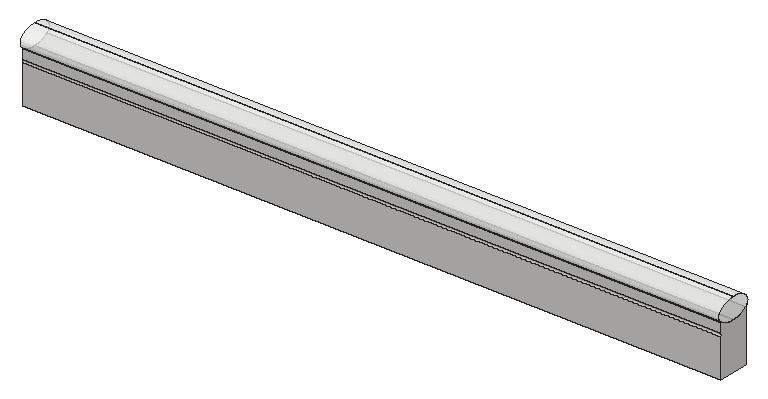
Revit family "Lighting - Luminii - Kurba Medium Dome Horizontal - Array", category Lighting Fixtures, host Face, Revit 2020
Family settings
  Host = Face
  Round Connector Dimension = Use Diameter
  Part Type = Normal
  OmniClass Number = 23.80.70.11.14.21
  OmniClass Title = Spots and Tracklight Specialties
  Cut with Voids When Loaded = No
  Light Source = No
  Shared = Yes
  Room Calculation Point = No
Parameters (values of type "Kurba Medium Dome Horizontal")
  Width = 0.53125"  # constant formula
  Wattage Comments = "3.7 W/ft"
  Warranty URL = "https://www.luminii.com/terms-conditions/"
  Voltage Comments = "120-277VAC"
  Voltage = 120 V
  Version = "2020 - v1.0a"  # constant formula
  URL = "https://www.luminii.com/"
  Support Phone = "224-699-9545"  # constant formula
  Support Email = "mailto:support@bimsmith.com"
  Product Page URL = "https://www.luminii.com/product/kurba-medium-dome-horizontal/"
  Product Name = "Kurba Medium Dome Horizontal"  # constant formula
  Product Documentation Link = "https://www.luminii.com/wp-content/uploads/z_special_catalog_products/products/kurba-medium-dome-horizontal/specsheets/KBM-D-H_spec.pdf"
  Power Source Type = "Driver"
  Power Factor = 1
  Phase = 1
  Operating Temperature = "-4°F-113°F"  # constant formula
  Number of Poles = if(and(or(Voltage = 120 V, Voltage = 277 V), Phase = 1), 1, if(and(or(Voltage = 208 V, Voltage = 240 V), Phase = 1), 2, if(and(or(Voltage = 208 V, Voltage = 240 V), Phase = 3), 3, if(and(Voltage > 300 V, Phase = 1), 2, if(and(Voltage > 400 V, Phase = 3), 3, 1)))))  # 1
  Number of LEDs [instance] = C Length / LED Spacing  # 12
  Mounting Method = "Surface Mount"  # constant formula
  Model = "KBM-D-H"
  Manufacturer Phone Number = "224-333-6033"  # constant formula
  Manufacturer Email = "mailto:info@luminii.com"
  Manufacturer Address = "7777 N Merrimac Ave, Niles, IL 60714"  # constant formula
  Manufacturer = "Luminii"  # constant formula
  Lumen Output = "134 lm/ft"
  Load Classification = Lighting
  Lens Material = Plastic - Luminii - Frosted Lens
  Length Comments [instance] = "Perfomance based on 1\" Photometric Web File"  # constant formula
  Length [instance] = if(Desired Length < 4", 4", if(Desired Length > 312", 312", (round(Desired Length / 1") * 1")))  # 12"
  Lamp Life = 1
  Lamp = "LED"
  LED Spacing [instance] = 1"  # constant formula
  Keynote = "26 50 00"
  Instruction Sheet Link = "https://www.luminii.com/wp-content/uploads/z_special_catalog_products/products/kurba-medium-dome-horizontal/install-guides/Kurba_Installation%20Instructions_0.6.pdf"
  Initial Color Comments = "Perfomance based on 3500K Photometric Web File"  # constant formula
  Housing Protection Rating = "IP20 Dry/IP66 Wet Series"  # constant formula
  Has Dimming = 0 = 1  # no
  Has Battery Backup = 0 = 1  # no
  Frequency Comments = ""
  Frequency = 60 Hz
  Finish = Metal - Luminii - Silver Anodized Aluminum
  Environment = "Wet"  # constant formula
  Description = "Flexible LED Strip"  # constant formula
  Depth = 1.16"  # constant formula
  Default Elevation = 0"  # constant formula
  Current Amps = 0 A
  Copyright = "©2023 Luminii"  # constant formula
  CCT = "3000K"
  C Length Mid [instance] = C Length / 2  # 6"
  C Length [instance] = if(Desired Length < 4", 4", if(Desired Length > 312", 312", (round(Desired Length / 1") * 1")))  # 12"
  Desired Length [instance] = 12"
  Assembly Code = "D5020230"
  Apparent Load = 3.66 VA
Reference planes (in)
  plane 1 "Center (Front/Back)": y = 0
  plane 2: z = 0
  plane 3 "Center (Left/Right)": x = 0
  plane 4: x = -6
  plane 5: x = 6
  plane 6: y = 0.5
  plane 7: y = -0.5
  plane 8: z = 0.85156
  plane 9: z = 0.98
  plane 10: y = -0.26562
  plane 11: y = 0.26562
  plane 12: z = 1.16
Forms (in)
  Extrusion 1, solid, material "Metal - Luminii - Silver Anodized Aluminum", not visible
    sketch origin (0, 0, 0) x (1, 0, 0) y (0, 1, 0)
      loop
        circle (0, 0) r 0.5
    from 0 to -0.17225
  Extrusion 2, solid, material "Metal - Luminii - Silver Anodized Aluminum" <- "Finish"
    sketch origin (0, 0, 0) x (0, 1, 0) y (0, 0, 1)
      loop
        line (0.26563, 0) -> (0.26562, 0.66411)
        arc (0.26562, 0.66411) -> (0.25427, 0.68284) -> (0.26563, 0.70156) r 0.02112
        line (0.26563, 0.70156) -> (0.26563, 0.88325)
        spline (0.26563, 0.88325) -> (0.25056, 0.87091) -> (0.23374, 0.85933) -> (0.21529, 0.8486) -> (0.19533, 0.83879) -> (0.17401, 0.82996) -> (0.15148, 0.82218) -> (0.12788, 0.8155) -> (0.10339, 0.80997) -> (0.07818, 0.80563) -> (0.05243, 0.80251) -> (0.02631, 0.80063) -> (0, 0.8)
        spline (0, 0.8) -> (-0.02631, 0.80063) -> (-0.05243, 0.80251) -> (-0.07818, 0.80563) -> (-0.10339, 0.80997) -> (-0.12788, 0.8155) -> (-0.15148, 0.82218) -> (-0.17401, 0.82996) -> (-0.19533, 0.83879) -> (-0.21529, 0.8486) -> (-0.23374, 0.85933) -> (-0.25056, 0.87091) -> (-0.26562, 0.88325)
        line (-0.26562, 0.88325) -> (-0.26562, 0.70156)
        arc (-0.26562, 0.70156) -> (-0.25427, 0.68284) -> (-0.26562, 0.66411) r 0.02112
        line (-0.26562, 0.66411) -> (-0.26562, 0) -> (0.26563, 0)
    from -6 to 6
  Extrusion 3, solid, material "Plastic - Luminii - Frosted Lens" <- "Lens Material"
    sketch origin (0, 0, 0) x (0, 1, 0) y (0, 0, 1)
      loop
        spline (0, 0.8) -> (0.08153, 0.80613) -> (0.1575, 0.82412) -> (0.22274, 0.85272) -> (0.2728, 0.89) -> (0.30427, 0.93341) -> (0.315, 0.98) -> (0.30427, 1.02659) -> (0.2728, 1.07) -> (0.22274, 1.10728) -> (0.1575, 1.13588) -> (0.08153, 1.15387) -> (0, 1.16)
        spline (0, 1.16) -> (-0.08153, 1.15387) -> (-0.1575, 1.13588) -> (-0.22274, 1.10728) -> (-0.2728, 1.07) -> (-0.30427, 1.02659) -> (-0.315, 0.98) -> (-0.30427, 0.93341) -> (-0.2728, 0.89) -> (-0.22274, 0.85272) -> (-0.1575, 0.82412) -> (-0.08153, 0.80613) -> (0, 0.8)
    from -6 to 6
Dimensions and locks (in)
  equal spacing: plane 4, plane 3 "Center (Left/Right)", plane 5
  equal spacing: plane 6, plane 1 "Center (Front/Back)", plane 7
  locked: plane 6 to plane 7 at 1
  Extrusion 2 sketch curve to Extrusion 2 sketch curve to Extrusion 2 sketch curve to Extrusion 2 sketch curve to plane 2 = 0" locked, 0.03745" locked, 0" locked, 0.66411" locked
  "Width": plane 10 to plane 11
  plane 7 to plane 10 to plane 11 to plane 6 = 0.23438", 0.53125", 0.23438"
  equal spacing: Extrusion 3 sketch curve, Extrusion 3 sketch curve, Extrusion 3 sketch curve, Extrusion 3 sketch curve, Extrusion 3 sketch curve, plane 2
  Extrusion 3 sketch curve to plane 1 "Center (Front/Back)" to Extrusion 3 sketch curve = 0.315" locked, 0.315" locked
  equal spacing: group 1, group 3, group 4, group 5, group 6, group 7, group 8, group 9, group 10, group 11, group 12, group 2  (x3)
  "C Length Mid": plane 4 to plane 3 "Center (Left/Right)"
  "C Length Mid": plane 3 "Center (Left/Right)" to plane 5
  aligned and locked: plane 2 to host face
  aligned and locked: level to host face
  aligned and locked: plane 3 "Center (Left/Right)" to Extrusion 1 sketch curve
  aligned and locked: plane 1 "Center (Front/Back)" to Extrusion 1 sketch curve
  aligned and locked: level to Extrusion 2 sketch curve
  aligned and locked: plane 2 to Extrusion 1
  aligned and locked: plane 11 to Extrusion 2
  aligned and locked: Extrusion 2 to plane 10
  aligned and locked: Extrusion 2 to host face
  aligned and locked: plane 5 to Extrusion 3
  aligned and locked: Extrusion 3 to plane 4
  aligned and locked: Extrusion 2 to plane 4
  aligned and locked: plane 5 to Extrusion 2
  aligned and locked: nested 1 to plane 1 "Center (Front/Back)"
  aligned and locked: nested 1 to plane 4
  aligned and locked: nested 2 to plane 5
  aligned and locked: nested 2 to plane 1 "Center (Front/Back)"
Automatic sketch dimensions
  host sketch curve to host sketch curve = 96"  (x2)
  Extrusion 2 sketch curve to plane 1 "Center (Front/Back)" = 0"
  plane 8 to Extrusion 2 sketch curve = 0.03168"  (x2)
  plane 7 to Extrusion 2 sketch curve = 0.23438"  (x2)
  Extrusion 2 sketch curve to Extrusion 2 sketch curve = 0.00977"  (x2)
  Extrusion 2 sketch curve to plane 6 = 0.23437"  (x2)
  Extrusion 2 sketch curve to plane 8 = 0.05156"
  plane 8 to Extrusion 2 sketch curve = 0.12844"
  Extrusion 2 sketch curve to Extrusion 2 sketch curve = 0"
  Extrusion 3 sketch curve to plane 9 = 0"
  Extrusion 3 sketch curve to plane 8 = 0.05156"
  radius of Extrusion 1 sketch curve = 0.5"
Nested families (in)
  nested 1: "Lighting - Luminii - Kurba Medium Dome Horizontal - Nest IES" at (-5.5, 0, -0.84699) x (-1, 0, 0) z (0, 0, 1), type "Kurba Medium Dome Horizontal"
    with Length Comments "Perfomance based on 1\" Photometric Web File", Length 1", C Length 1", C Emit From Length 1"
  nested 2: "Lighting - Luminii - Kurba Medium Dome Horizontal - Nest IES" at (5.5, 0, -0.58714) x (-1, 0, 0) z (0, 0, 1), type "Kurba Medium Dome Horizontal"
    with Length Comments "Perfomance based on 1\" Photometric Web File", Length 1", C Length 1", C Emit From Length 1"
  nested 3: "Lighting - Luminii - Kurba Medium Dome Horizontal - Nest IES" at (-4.5, 0, -0.82337) x (-1, 0, 0) z (0, 0, 1), type "Kurba Medium Dome Horizontal"
    with Length Comments "Perfomance based on 1\" Photometric Web File", Length 1", C Length 1", C Emit From Length 1"
  nested 4: "Lighting - Luminii - Kurba Medium Dome Horizontal - Nest IES" at (-3.5, 0, -0.79975) x (-1, 0, 0) z (0, 0, 1), type "Kurba Medium Dome Horizontal"
    with Length Comments "Perfomance based on 1\" Photometric Web File", Length 1", C Length 1", C Emit From Length 1"
  nested 5: "Lighting - Luminii - Kurba Medium Dome Horizontal - Nest IES" at (-2.5, 0, -0.77613) x (-1, 0, 0) z (0, 0, 1), type "Kurba Medium Dome Horizontal"
    with Length Comments "Perfomance based on 1\" Photometric Web File", Length 1", C Length 1", C Emit From Length 1"
  nested 6: "Lighting - Luminii - Kurba Medium Dome Horizontal - Nest IES" at (-1.5, 0, -0.7525) x (-1, 0, 0) z (0, 0, 1), type "Kurba Medium Dome Horizontal"
    with Length Comments "Perfomance based on 1\" Photometric Web File", Length 1", C Length 1", C Emit From Length 1"
  nested 7: "Lighting - Luminii - Kurba Medium Dome Horizontal - Nest IES" at (-0.5, 0, -0.72888) x (-1, 0, 0) z (0, 0, 1), type "Kurba Medium Dome Horizontal"
    with Length Comments "Perfomance based on 1\" Photometric Web File", Length 1", C Length 1", C Emit From Length 1"
  nested 8: "Lighting - Luminii - Kurba Medium Dome Horizontal - Nest IES" at (0.5, 0, -0.70526) x (-1, 0, 0) z (0, 0, 1), type "Kurba Medium Dome Horizontal"
    with Length Comments "Perfomance based on 1\" Photometric Web File", Length 1", C Length 1", C Emit From Length 1"
  nested 9: "Lighting - Luminii - Kurba Medium Dome Horizontal - Nest IES" at (1.5, 0, -0.68163) x (-1, 0, 0) z (0, 0, 1), type "Kurba Medium Dome Horizontal"
    with Length Comments "Perfomance based on 1\" Photometric Web File", Length 1", C Length 1", C Emit From Length 1"
  nested 10: "Lighting - Luminii - Kurba Medium Dome Horizontal - Nest IES" at (2.5, 0, -0.65801) x (-1, 0, 0) z (0, 0, 1), type "Kurba Medium Dome Horizontal"
    with Length Comments "Perfomance based on 1\" Photometric Web File", Length 1", C Length 1", C Emit From Length 1"
  nested 11: "Lighting - Luminii - Kurba Medium Dome Horizontal - Nest IES" at (3.5, 0, -0.63439) x (-1, 0, 0) z (0, 0, 1), type "Kurba Medium Dome Horizontal"
    with Length Comments "Perfomance based on 1\" Photometric Web File", Length 1", C Length 1", C Emit From Length 1"
  nested 12: "Lighting - Luminii - Kurba Medium Dome Horizontal - Nest IES" at (4.5, 0, -0.61077) x (-1, 0, 0) z (0, 0, 1), type "Kurba Medium Dome Horizontal"
    with Length Comments "Perfomance based on 1\" Photometric Web File", Length 1", C Length 1", C Emit From Length 1"
Connectors (in)
  electrical at (0, 0, 0), driven by "Number of Poles", driven by "Load Classification", driven by "Voltage", driven by "Apparent Load", driven by "Power Factor"
    settings: on Extrusion 1, index 1, voltage 120 V, apparent load 3.66 VA, apparent load phase1 0 VA, apparent load phase2 0 VA, apparent load phase3 0 VA, power factor 1, load classification "Lighting", number of poles 1, system type 30, power factor state 1, is connector primary yes, connector utility no, sub classification motor no, connector description "Power Connection"
Definition of nested family "Lighting - Luminii - Kurba Medium Dome Horizontal - Nest IES"
  Parameters (values of type "Kurba Medium Dome Horizontal")
    Width = 0.53125"  # constant formula
    Wattage Comments = "3.7 W/ft"
    Wattage = 3.66 W
    Warranty URL = "https://www.luminii.com/terms-conditions/"
    built-in parameter 1150110 = 1 (stored number, unit not read)
    Voltage Comments = "120-277VAC"
    Voltage = 120 V
    Version = "2020 - v1.0a"  # constant formula
    URL = "https://www.luminii.com/"
    built-in parameter 1114217 = 1 (stored number, unit not read)
    Tilt Angle = -90.00°
    built-in parameter 1150109 = 1 (stored number, unit not read)
    built-in parameter 1150134 = (empty or 0)
    built-in parameter 1150113 = 1 (stored number, unit not read)
    Support Phone = "224-699-9545"  # constant formula
    Support Email = "mailto:support@bimsmith.com"
    Product Page URL = "https://www.luminii.com/product/kurba-medium-dome-horizontal/"
    Product Name = "Kurba Medium Dome Horizontal"  # constant formula
    Product Documentation Link = "https://www.luminii.com/wp-content/uploads/z_special_catalog_products/products/kurba-medium-dome-horizontal/specsheets/KBM-D-H_spec.pdf"
    Power Source Type = "Driver"
    Power Factor = 1
    Photometric Web File = "KBM-D-H-30K-IEPF-IEC-23_IESNA2002.IES"
    Phase = 1
    Operating Temperature = "-4°F-113°F"  # constant formula
    Number of Poles = if(and(or(Voltage = 120 V, Voltage = 277 V), Phase = 1), 1, if(and(or(Voltage = 208 V, Voltage = 240 V), Phase = 1), 2, if(and(or(Voltage = 208 V, Voltage = 240 V), Phase = 3), 3, if(and(Voltage > 300 V, Phase = 1), 2, if(and(Voltage > 400 V, Phase = 3), 3, 1)))))  # 1
    Mounting Method = "Surface Mount"  # constant formula
    Model = "KBM-F-H"
    Manufacturer Phone Number = "224-333-6033"  # constant formula
    Manufacturer Email = "mailto:info@luminii.com"
    Manufacturer Address = "7777 N Merrimac Ave, Niles, IL 60714"  # constant formula
    Manufacturer = "Luminii"  # constant formula
    built-in parameter 1150105 = 11.778 (stored number, unit not read)
    Lumens = 148.01 lm
    built-in parameter 1150115 = 1 (stored number, unit not read)
    Lumen Output = "134 lm/ft"
    Load Classification = none
    built-in parameter 1150137 = (empty or 0)
    built-in parameter 1150139 = (empty or 0)
    Lens Material = none
    Length Comments [instance] = "Perfomance based on 1\" Photometric Web File"  # constant formula
    Length [instance] = 1"
    built-in parameter 1150112 = 1 (stored number, unit not read)
    built-in parameter 1150114 = 1 (stored number, unit not read)
    Lamp Life = 1
    Lamp = "LED"
    Keynote = "26 50 00"
    Instruction Sheet Link = "https://www.luminii.com/wp-content/uploads/z_special_catalog_products/products/kurba-medium-dome-horizontal/install-guides/Kurba_Installation%20Instructions_0.6.pdf"
    built-in parameter 1150132 = (empty or 0)
    built-in parameter 1150102 = (empty or 0)
    built-in parameter 1150107 = 3000 (stored number, unit not read)
    Initial Color Comments = "Perfomance based on 3500K Photometric Web File"  # constant formula
    built-in parameter 1150138 = (empty or 0)
    built-in parameter 1150106 = 0.11778 (stored number, unit not read)
    Housing Protection Rating = "IP20 Dry/IP66 Wet Series"  # constant formula
    Has Dimming = 0 = 1  # no
    Has Battery Backup = 0 = 1  # no
    Frequency Comments = ""
    Frequency = 60 Hz
    Finish = none
    Environment = "Wet"  # constant formula
    Emit from Rectangle Width = Width  # 0.53125"
    Emit from Rectangle Length = 1"
    Emit Shape Visible in Rendering = yes
    built-in parameter 1150104 = 3.757 (stored number, unit not read)
    Dimming Lamp Color Temperature Shift = (empty or 0)
    Description = "Flexible LED Strip"  # constant formula
    Depth = 0.85156"  # constant formula
    Default Elevation = 0"  # constant formula
    Current Amps = 0 A
    Copyright = "©2023 Luminii"  # constant formula
    Color Filter = 16777215
    CCT = "3000K"
    C Length [instance] = if(Length < 1", 1", if(Length > 312", 312", Length))  # 1"
    C Emit From Length [instance] = Length  # 1"
    built-in parameter 1114218 = 1 (stored number, unit not read)
    built-in parameter 1150133 = 10 (stored number, unit not read)
    Assembly Code = "D5020230"
    Apparent Load = Wattage / Power Factor  # 3.66 VA
  Reference planes (in)
    plane 1 "Center (Front/Back)": y = 0
    plane 2: z = 0
    plane 3 "Center (Left/Right)": x = 0
    plane 4: x = -0.5
    plane 5: x = 0.5
    plane 6: y = 0.5
    plane 7: y = -0.5
    plane 8: z = 0.85156
    plane 9: y = -0.26562
    plane 10: y = 0.26562
    plane 11: z = 1.16
  Forms (in)
    Extrusion 1, solid
      sketch origin (0, 0, 0) x (1, 0, 0) y (0, 1, 0)
        loop
          line (-48, 48) -> (-48, -48) -> (48, -48) -> (48, 48) -> (-48, 48)
      from 0 to -12
    Extrusion 2, solid, not visible
      sketch origin (0, 0, 0) x (1, 0, 0) y (0, 1, 0)
        loop
          circle (0, 0) r 0.5
      from 0 to -0.17225
  Dimensions and locks (in)
    equal spacing: plane 4, plane 3 "Center (Left/Right)", plane 5
    equal spacing: plane 6, plane 1 "Center (Front/Back)", plane 7
    locked: plane 6 to plane 7 at 1
    "Depth": plane 8 to plane 2
    imposter light to Extrusion 1 = 1.16"
    "C Length": plane 5 to plane 4
    "Width": plane 9 to plane 10
    plane 7 to plane 9 to plane 10 to plane 6 = 0.23438", 0.53125", 0.23438"
    aligned and locked: plane 2 to Extrusion 1
    aligned and locked: level to Extrusion 1
    aligned and locked: imposter light to plane 1 "Center (Front/Back)"
    aligned and locked: plane 3 "Center (Left/Right)" to Extrusion 2 sketch curve
    aligned and locked: plane 1 "Center (Front/Back)" to Extrusion 2 sketch curve
    aligned and locked: plane 2 to Extrusion 2
    aligned and locked: plane 3 "Center (Left/Right)" to imposter light
    aligned and locked: plane 11 to imposter light
  Automatic sketch dimensions
    Extrusion 1 sketch curve to Extrusion 1 sketch curve = 96"  (x2)
    radius of Extrusion 2 sketch curve = 0.5"
  Connectors (in)
    electrical at (0, 0, 0), driven by "Number of Poles", driven by "Load Classification", driven by "Voltage", driven by "Apparent Load", driven by "Power Factor"
      settings: on Extrusion 2, index 1, voltage 120 V, apparent load 3.66 VA, apparent load phase1 0 VA, apparent load phase2 0 VA, apparent load phase3 0 VA, power factor 1, load classification none, number of poles 1, system type 30, power factor state 1, is connector primary yes, connector utility no, sub classification motor no, connector description "Power Connection"
